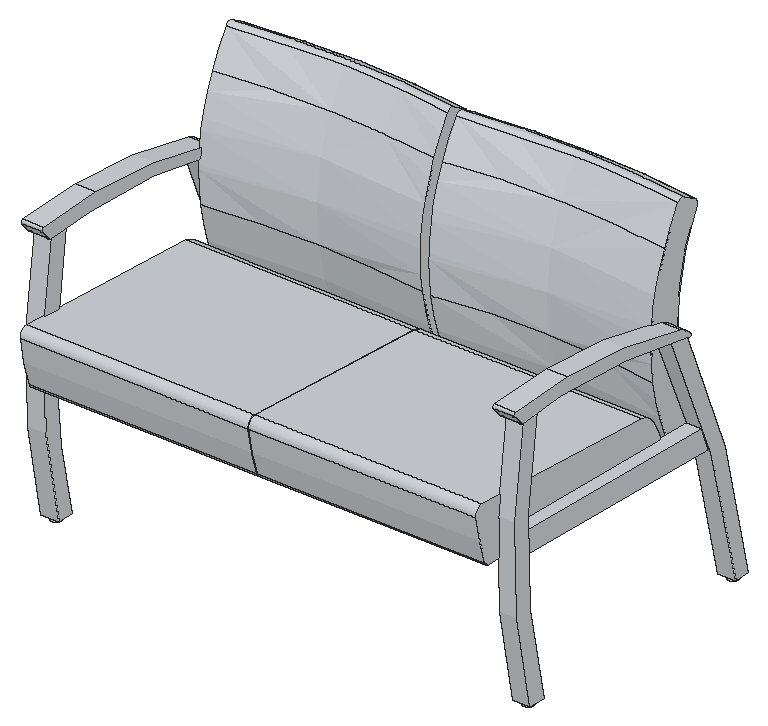
Revit family "Seat-LaZBoy-Koncert_Wood_Visitor-KOW20", category Furniture, Revit 2017
Family settings
  OmniClass Number = 23.40.20.00
  Work Plane-Based = No
  Always vertical = Yes
  Cut with Voids When Loaded = No
  Shared = No
  Room Calculation Point = No
Parameters (values of type "Urethane Arm Caps")
  Width = 45.50"  # constant formula
  URL = "https://www.la-z-boy.com/"
  Seat Material [instance] = none
  Product Documentation Link = "URL"
  Model = "KOW20U"
  Manufacturer = "LaZBoy"
  Height = 33.25"  # constant formula
  Description = "2 Seat Guest Chair with Urethane Arm Caps"
  Depth = 29.50"  # constant formula
  Copyright © = "Inc"
  Back Material [instance] = none
  Assembly Code = "E2020200"
  Armcap Material [instance] = none
  Arm Material [instance] = none
Types (2): name | Model | Description
  Wood Arm Caps | "KOW20" | "2 Seat Guest Chair with Wood Arm Caps"
  Urethane Arm Caps | "KOW20U" | "2 Seat Guest Chair with Urethane Arm Caps"
Reference planes (in)
  plane 1 "Center (Front/Back)": y = 0
  plane 2: z = 0
  plane 3 "Center (Left/Right)": x = 0
  plane 4: y = -14.75
  plane 5: x = 22.75
  plane 6: x = -22.75
  plane 7: z = 33.25
  plane 8: y = 14.75
  plane 9 "Backrest": y = 11.65
  plane 10: x = -21.04687
  plane 11: x = 21.04687
Forms (in)
  Extrusion 1, solid, material <- "Seat Material"
    sketch origin (0, 0, 0) x (0, 1, 0) y (0, 0, 1)
      loop
        line (-11.58915, 13.13496) -> (5.41112, 13.15365)
        arc (5.41112, 13.15365) -> (6.11752, 13.44693) -> (6.41002, 14.15365) r 1
        line (6.41002, 14.15365) -> (6.41002, 14.73145)
        arc (6.41002, 14.73145) -> (6.39539, 14.89442) -> (6.33835, 15.04779) r 0.61599
        line (6.33835, 15.04779) -> (5.75093, 16.15116)
        arc (5.75093, 16.15116) -> (5.17297, 16.80408) -> (4.36175, 17.12388) r 1.86969
        arc (4.36175, 17.12388) -> (-4.82518, 18.03461) -> (-14.05595, 18.18337) r 111.66931
        arc (-14.05595, 18.18337) -> (-14.60321, 17.92548) -> (-14.78207, 17.34754) r 0.75
        arc (-14.78207, 17.34754) -> (-14.39179, 15.18523) -> (-13.73053, 13.08985) r 17.29656
        arc (-13.73053, 13.08985) -> (-13.58361, 12.90425) -> (-13.35749, 12.83421) r 0.4
        line (-13.35749, 12.83421) -> (-11.58915, 12.83421) -> (-11.58915, 13.13496)
    from -21.04687 to 0
  Extrusion 2, solid, material <- "Seat Material"
    sketch origin (0, 0, 0) x (0, 1, 0) y (0, 0, -1)
      loop
        line (-11.58915, -13.13496) -> (-11.58915, -12.83421) -> (-13.35749, -12.83421)
        arc (-13.35749, -12.83421) -> (-13.58361, -12.90425) -> (-13.73053, -13.08985) r 0.4
        arc (-13.73053, -13.08985) -> (-14.39179, -15.18523) -> (-14.78207, -17.34754) r 17.29656
        arc (-14.78207, -17.34754) -> (-14.60321, -17.92548) -> (-14.05595, -18.18337) r 0.75
        arc (-14.05595, -18.18337) -> (-4.82518, -18.03461) -> (4.36175, -17.12388) r 111.66931
        arc (4.36175, -17.12388) -> (5.17297, -16.80408) -> (5.75093, -16.15116) r 1.86969
        line (5.75093, -16.15116) -> (6.33835, -15.04779)
        arc (6.33835, -15.04779) -> (6.39539, -14.89442) -> (6.41002, -14.73145) r 0.61599
        line (6.41002, -14.73145) -> (6.41002, -14.15365)
        arc (6.41002, -14.15365) -> (6.11752, -13.44693) -> (5.41112, -13.15365) r 1
        line (5.41112, -13.15365) -> (-11.58915, -13.13496)
    from -21.04687 to 0
  Extrusion 3, void
    sketch origin (46.13421, -0.5, 0) x (-1, 0, 0) y (0, -1, 0)
      loop
        line (25.25921, -15.25291) -> (45.74079, -15.25291) -> (45.74079, -3.75291) -> (25.25921, -3.75291) -> (25.25921, -15.25291)
      loop
        line (21.61809, -16.74229) -> (49.41576, -16.74229) -> (49.41576, 0.35146) -> (21.61809, 0.35146) -> (21.61809, -16.74229)
    from 0 to 45.27313
  Sweep 4, solid, material <- "Back Material"
    path origin (10.63421, 0.94444, 0) x (1, 0, 0) y (0, 1, 0)
      loop
        arc (-10.54687, 5.25183) -> (0, 6.05038) -> (10.54687, 5.25183) r 70.04776
    profile origin (10.63421, 6.99482, 0) x (0, 1, 0) y (0, 0, 1)
      loop
        line (4.39262, 32.50746) -> (3.1931, 33.17236)
        arc (3.1931, 33.17236) -> (2.82429, 33.21881) -> (2.52535, 32.99787) r 0.5
        arc (2.52535, 32.99787) -> (1.67215, 31.49244) -> (0.93529, 29.92678) r 22.85496
        arc (0.93529, 29.92678) -> (-0.45331, 24.76011) -> (-0.36579, 19.41081) r 19.24373
        arc (-0.36579, 19.41081) -> (0.39457, 16.17163) -> (1.62887, 13.08181) r 22.27795
        arc (1.62887, 13.08181) -> (1.8133, 12.87729) -> (2.07805, 12.80145) r 0.5
        line (2.07805, 12.80145) -> (3.18197, 12.80145)
        arc (3.18197, 12.80145) -> (4.0158, 13.24942) -> (4.10256, 14.19198) r 1
        arc (4.10256, 14.19198) -> (2.60159, 19.63642) -> (2.57557, 25.28392) r 21.42227
        arc (2.57557, 25.28392) -> (3.30436, 28.6505) -> (4.59601, 31.84372) r 20.14581
        arc (4.59601, 31.84372) -> (4.62828, 32.21663) -> (4.39262, 32.50746) r 0.5
  Sweep 5, solid, material <- "Back Material"
    path origin (-10.63421, 0.94444, 0) x (-1, 0, 0) y (0, -1, 0)
      loop
        arc (-10.54687, -5.25183) -> (0, -6.05038) -> (10.54687, -5.25183) r 70.04776
    profile origin (-10.63421, 6.99482, 0) x (0, -1, 0) y (0, 0, 1)
      loop
        arc (-4.39262, 32.50746) -> (-4.62828, 32.21663) -> (-4.59601, 31.84372) r 0.5
        arc (-4.59601, 31.84372) -> (-3.30436, 28.6505) -> (-2.57557, 25.28392) r 20.14581
        arc (-2.57557, 25.28392) -> (-2.60159, 19.63642) -> (-4.10256, 14.19198) r 21.42227
        arc (-4.10256, 14.19198) -> (-4.0158, 13.24942) -> (-3.18197, 12.80145) r 1
        line (-3.18197, 12.80145) -> (-2.07805, 12.80145)
        arc (-2.07805, 12.80145) -> (-1.8133, 12.87729) -> (-1.62887, 13.08181) r 0.5
        arc (-1.62887, 13.08181) -> (-0.39457, 16.17163) -> (0.36579, 19.41081) r 22.27795
        arc (0.36579, 19.41081) -> (0.45331, 24.76011) -> (-0.93529, 29.92678) r 19.24373
        arc (-0.93529, 29.92678) -> (-1.67215, 31.49244) -> (-2.52535, 32.99787) r 22.85496
        arc (-2.52535, 32.99787) -> (-2.82429, 33.21881) -> (-3.1931, 33.17236) r 0.5
        line (-3.1931, 33.17236) -> (-4.39262, 32.50746)
  Extrusion 6, void
    sketch origin (-46.13421, -0.5, 0) x (1, 0, 0) y (0, 1, 0)
      loop
        line (25.25921, 15.25291) -> (25.25921, 3.75291) -> (45.74079, 3.75291) -> (45.74079, 15.25291) -> (25.25921, 15.25291)
      loop
        line (21.61809, 16.74229) -> (21.61809, -0.35146) -> (49.41576, -0.35146) -> (49.41576, 16.74229) -> (21.61809, 16.74229)
    from 0 to 45.27313
Cuts and joins
  Extrusion 3 cuts Sweep 4
  Extrusion 6 cuts Sweep 5
Lines and regions (in)
  Masking region 1
    outline origin (-10.5, 0, 0) x (1, 0, 0) y (0, 1, 0)
      loop
        arc (-10.375, -12.38861) -> (-10.40429, -12.45932) -> (-10.475, -12.48861) r 0.1
        line (-10.475, -12.48861) -> (-10.54687, -12.48861) -> (-10.54687, -14.25)
        arc (-10.54687, -14.25) -> (-10.40043, -14.60355) -> (-10.04687, -14.75) r 0.5
        line (-10.04687, -14.75) -> (31.04687, -14.75)
        arc (31.04687, -14.75) -> (31.40043, -14.60355) -> (31.54687, -14.25) r 0.5
        line (31.54687, -14.25) -> (31.54687, -12.48861) -> (31.475, -12.48861)
        arc (31.475, -12.48861) -> (31.40429, -12.45932) -> (31.375, -12.38861) r 0.1
        line (31.375, -12.38861) -> (31.375, 10.65944)
        arc (31.375, 10.65944) -> (31.31414, 10.82292) -> (31.1612, 10.90681) r 0.25
        arc (31.1612, 10.90681) -> (21.13608, 11.64616) -> (11.10818, 10.94569) r 70.18213
        arc (11.10818, 10.94569) -> (10.95459, 10.86203) -> (10.89341, 10.69819) r 0.25
        line (10.89341, 10.69819) -> (10.89341, 6.41002) -> (10.10659, 6.41002) -> (10.10659, 10.69819)
        arc (10.10659, 10.69819) -> (10.04541, 10.86203) -> (9.89182, 10.94569) r 0.25
        arc (9.89182, 10.94569) -> (-0.13608, 11.64616) -> (-10.1612, 10.90681) r 70.18213
        arc (-10.1612, 10.90681) -> (-10.31414, 10.82292) -> (-10.375, 10.65944) r 0.25
        line (-10.375, 10.65944) -> (-10.375, -12.38861)
  symbolic lines, detail levels fine
    curve 1: arc (-0.39076, 8.86334, 0) -> (-10.63422, 9.57027, 0) -> (-20.875, 8.82548, 0) r 72.62333
    curve 6: arc (0.39076, 8.86334, 0) -> (10.63422, 9.57027, 0) -> (20.875, 8.82548, 0) r 72.62333
  symbolic lines, detail levels medium+fine
    curve 2: arc (-0.39341, 5.70335, 0) -> (-10.63556, 6.4099, 0) -> (-20.875, 5.66512, 0) r 72.62333
    curve 3: line (-0.39341, 6.41002, 0) -> (-0.39341, 5.70335, 0)
    curve 4: line (0.39341, 6.41002, 0) -> (0.39341, 5.70335, 0)
    curve 5: arc (0.39341, 5.70335, 0) -> (10.63556, 6.4099, 0) -> (20.875, 5.66512, 0) r 72.62333
    curve 7: line (0, -14.78702, 0) -> (0, 6.41061, 0)
Dimensions and locks (in)
  equal spacing: plane 6, plane 3 "Center (Left/Right)", plane 5
  "Width": plane 6 to plane 5
  "Height": plane 7 to plane 2
  equal spacing: plane 8, plane 1 "Center (Front/Back)", plane 4
  "Depth": plane 4 to plane 8
  plane 6 to plane 10 = 1.70313"
  locked: plane 11 to plane 5 at 1.70313
  locked: plane 9 "Backrest" to plane 8 at 3.1
  aligned and locked: level to plane 2
  aligned and locked: plane 3 "Center (Left/Right)" to nested 1
  aligned and locked: plane 1 "Center (Front/Back)" to nested 1
  aligned and locked: plane 8 to nested 2
  aligned and locked: nested 2 to plane 6
  aligned and locked: plane 5 to nested 3
  aligned and locked: plane 8 to nested 3
  aligned and locked: plane 10 to Extrusion 1
  aligned and locked: plane 3 "Center (Left/Right)" to Extrusion 1
  aligned and locked: Masking region 1 sketch curve to plane 4
  aligned and locked: Masking region 1 sketch curve to plane 11
  aligned and locked: Extrusion 2 to plane 3 "Center (Left/Right)"
Automatic sketch dimensions
  Extrusion 1 sketch curve to plane 4 = 0.71298"
  Extrusion 1 sketch curve to plane 4 = 1.39251"
  Extrusion 1 sketch curve to Extrusion 1 sketch curve = 1.76835"
  Extrusion 1 sketch curve to plane 4 = 3.51155"
  Extrusion 1 sketch curve to plane 1 "Center (Front/Back)" = 2.40023"
  Extrusion 1 sketch curve to plane 1 "Center (Front/Back)" = 4.10055"
  Extrusion 1 sketch curve to Extrusion 1 sketch curve = 1.30947"
  Extrusion 1 sketch curve to Extrusion 1 sketch curve = 0.0011"
  Extrusion 1 sketch curve to Extrusion 1 sketch curve = 1.65037"
  Extrusion 1 sketch curve to Extrusion 1 sketch curve = 0.3846"
  Extrusion 1 sketch curve to Extrusion 1 sketch curve = 0.54373"
  Extrusion 1 sketch curve to Extrusion 1 sketch curve = 0.07167"
  Extrusion 1 sketch curve to level = 93.45039"
  level to Extrusion 1 sketch curve = 12.83421"
  Extrusion 1 sketch curve to Extrusion 1 sketch curve = 0.30074"
  level to Extrusion 1 sketch curve = 13.15365"
  Extrusion 1 sketch curve to Extrusion 1 sketch curve = 0.40"
  Extrusion 1 sketch curve to Extrusion 1 sketch curve = 0.5778"
  Extrusion 1 sketch curve to Extrusion 1 sketch curve = 0.02687"
  Extrusion 1 sketch curve to Extrusion 1 sketch curve = 1.11887"
  Extrusion 1 sketch curve to Extrusion 1 sketch curve = 1.10337"
  Extrusion 1 sketch curve to Extrusion 1 sketch curve = 4.1994"
  Extrusion 1 sketch curve to Extrusion 1 sketch curve = 2.20853"
  Extrusion 1 sketch curve to plane 4 = 0.69405"
  Extrusion 1 sketch curve to Extrusion 1 sketch curve = 0.00"  (x2)
  Extrusion 2 sketch curve to plane 4 = 0.71298"
  Extrusion 2 sketch curve to plane 4 = 1.39251"
  Extrusion 2 sketch curve to Extrusion 2 sketch curve = 1.76835"
  Extrusion 2 sketch curve to plane 4 = 3.51155"
  Extrusion 2 sketch curve to plane 1 "Center (Front/Back)" = 2.40023"
  Extrusion 2 sketch curve to plane 1 "Center (Front/Back)" = 4.10055"
  Extrusion 2 sketch curve to Extrusion 2 sketch curve = 1.30947"
  Extrusion 2 sketch curve to Extrusion 2 sketch curve = 0.0011"
  Extrusion 2 sketch curve to Extrusion 2 sketch curve = 1.65037"
  Extrusion 2 sketch curve to Extrusion 2 sketch curve = 0.3846"
  Extrusion 2 sketch curve to Extrusion 2 sketch curve = 0.54373"
  Extrusion 2 sketch curve to Extrusion 2 sketch curve = 0.07167"
  Extrusion 2 sketch curve to plane 7 = 13.91759"
  Extrusion 2 sketch curve to plane 7 = 15.81639"
  Extrusion 2 sketch curve to Extrusion 2 sketch curve = 3.18125"
  Extrusion 2 sketch curve to Extrusion 2 sketch curve = 0.87865"
  Extrusion 2 sketch curve to Extrusion 2 sketch curve = 1.10337"
  Extrusion 2 sketch curve to Extrusion 2 sketch curve = 0.28948"
  Extrusion 2 sketch curve to Extrusion 2 sketch curve = 0.60466"
  Extrusion 2 sketch curve to Extrusion 2 sketch curve = 4.1994"
  Extrusion 2 sketch curve to Extrusion 2 sketch curve = 0.09926"
  Extrusion 2 sketch curve to Extrusion 2 sketch curve = 0.40"
  Extrusion 2 sketch curve to level = 93.45039"
  Extrusion 2 sketch curve to plane 4 = 0.69405"
  Extrusion 2 sketch curve to Extrusion 2 sketch curve = 0.00"  (x2)
  Extrusion 3 sketch curve to plane 5 = 1.76612"
  Extrusion 3 sketch curve to plane 11 = 0.17187"
  plane 3 "Center (Left/Right)" to Extrusion 3 sketch curve = 0.39341"
  plane 1 "Center (Front/Back)" to Extrusion 3 sketch curve = 0.85146"
  Extrusion 3 sketch curve to plane 3 "Center (Left/Right)" = 3.28156"
  Extrusion 3 sketch curve to plane 1 "Center (Front/Back)" = 3.25291"
  plane 8 to Extrusion 3 sketch curve = 0.00291"
  plane 8 to Extrusion 3 sketch curve = 1.49229"
  Sweep 4 sketch curve to plane 11 = 10.41267"
  plane 4 to Sweep 4 sketch curve = 48.30294"
  plane 3 "Center (Left/Right)" to Sweep 4 sketch curve = 0.08733"
  plane 11 to Sweep 4 sketch curve = 0.13421"
  plane 9 "Backrest" to Sweep 4 sketch curve = 5.45374"
  Sweep 5 sketch curve to plane 10 = 10.41267"
  plane 4 to Sweep 5 sketch curve = 48.30294"
  Sweep 5 sketch curve to plane 3 "Center (Left/Right)" = 0.08733"
  plane 10 to Sweep 5 sketch curve = 0.13421"
  plane 9 "Backrest" to Sweep 5 sketch curve = 5.45374"
  Extrusion 6 sketch curve to plane 6 = 1.76612"
  Extrusion 6 sketch curve to plane 10 = 0.17187"
  Extrusion 6 sketch curve to plane 3 "Center (Left/Right)" = 0.39341"
  plane 1 "Center (Front/Back)" to Extrusion 6 sketch curve = 0.85146"
  plane 3 "Center (Left/Right)" to Extrusion 6 sketch curve = 3.28156"
  Extrusion 6 sketch curve to plane 1 "Center (Front/Back)" = 3.25291"
  plane 8 to Extrusion 6 sketch curve = 0.00291"
  plane 8 to Extrusion 6 sketch curve = 1.49229"
  Masking region 1 sketch curve to plane 10 = 0.00"
  Masking region 1 sketch curve to plane 10 = 0.07187"
  Masking region 1 sketch curve to plane 10 = 0.17187"
  Masking region 1 sketch curve to Masking region 1 sketch curve = 0.25"  (x2)
  Masking region 1 sketch curve to plane 10 = 0.50"
  Masking region 1 sketch curve to plane 3 "Center (Left/Right)" = 10.50"
  Masking region 1 sketch curve to plane 3 "Center (Left/Right)" = 0.64341"
  Masking region 1 sketch curve to plane 3 "Center (Left/Right)" = 0.39341"
  plane 3 "Center (Left/Right)" to Masking region 1 sketch curve = 0.39341"
  plane 3 "Center (Left/Right)" to Masking region 1 sketch curve = 10.50"
  Masking region 1 sketch curve to Masking region 1 sketch curve = 0.50"
  Masking region 1 sketch curve to plane 11 = 0.42187"
  Masking region 1 sketch curve to plane 11 = 0.17187"
  Masking region 1 sketch curve to plane 11 = 0.07187"
  plane 4 to Masking region 1 sketch curve = 43.78584"
  Masking region 1 sketch curve to Masking region 1 sketch curve = 0.00"  (x4)
  Masking region 1 sketch curve to Masking region 1 sketch curve = 1.76139"  (x2)
  plane 9 "Backrest" to Masking region 1 sketch curve = 5.23998"
  plane 9 "Backrest" to Masking region 1 sketch curve = 0.99056"  (x2)
  plane 9 "Backrest" to Masking region 1 sketch curve = 0.95181"
  curve 7 to plane 3 "Center (Left/Right)" = 0.00"
  curve 3 to plane 3 "Center (Left/Right)" = 0.39341"
  curve 1 to plane 3 "Center (Left/Right)" = 10.50"
  curve 2 to curve 1 = 0.00"
  plane 3 "Center (Left/Right)" to curve 4 = 0.39341"
  plane 3 "Center (Left/Right)" to curve 6 = 10.50"
  curve 5 to curve 6 = 0.00"
  plane 4 to curve 2 = 51.46331"
  curve 2 to curve 5 = 0.00"
  curve 5 to curve 6 = 3.16037"
  curve 2 to curve 1 = 3.16037"
  curve 4 to plane 1 "Center (Front/Back)" = 5.70335"
  curve 3 to curve 4 = 0.00"
  curve 1 to plane 3 "Center (Left/Right)" = 0.39076"
  curve 1 to plane 10 = 0.17187"
  curve 2 to plane 10 = 0.17187"
  plane 3 "Center (Left/Right)" to curve 6 = 0.39076"
  curve 6 to plane 11 = 0.17187"
  curve 5 to plane 11 = 0.17187"
  plane 4 to curve 7 = 0.03702"
  curve 3 to curve 3 = 0.70668"
  curve 4 to curve 4 = 0.70668"
  curve 3 to curve 7 = 0.00059"
  plane 9 "Backrest" to curve 6 = 2.82452"
  plane 9 "Backrest" to curve 1 = 2.82452"
  profile plane to Sweep 5 sketch curve = 23.8237"
  Sweep 5 sketch curve to Sweep 5 sketch curve = 1.26609"
  Sweep 5 sketch curve to Sweep 5 sketch curve = 0.58949"
  Sweep 5 sketch curve to Sweep 5 sketch curve = 0.91535"
  Sweep 5 sketch curve to Sweep 5 sketch curve = 2.99746"
  profile plane to Sweep 5 sketch curve = 4.39262"
  Sweep 5 sketch curve to Sweep 5 sketch curve = 0.2424"  (x2)
  Sweep 5 sketch curve to Sweep 5 sketch curve = 1.19952"
  profile plane to Sweep 5 sketch curve = 3.18197"
  Sweep 5 sketch curve to Sweep 5 sketch curve = 1.10392"
  profile plane to Sweep 5 sketch curve = 12.80145"
  Sweep 5 sketch curve to Sweep 5 sketch curve = 0.50"
  Sweep 5 sketch curve to Sweep 5 sketch curve = 1.00"
  Sweep 5 sketch curve to Sweep 5 sketch curve = 7.18279"
  Sweep 5 sketch curve to Sweep 5 sketch curve = 1.41298"
  Sweep 5 sketch curve to Sweep 5 sketch curve = 1.57377"
  Sweep 5 sketch curve to Sweep 5 sketch curve = 0.16243"
  Sweep 5 sketch curve to Sweep 5 sketch curve = 0.14766"
  Sweep 5 sketch curve to Sweep 5 sketch curve = 9.67293"
  Sweep 5 sketch curve to Sweep 5 sketch curve = 0.43731"  (x2)
  Sweep 5 sketch curve to Sweep 5 sketch curve = 0.6649"
  Sweep 5 sketch curve to Sweep 5 sketch curve = 0.00"  (x5)
  Sweep 4 sketch curve to profile plane = 2.07805"
  Sweep 4 sketch curve to profile plane = 2.9507"
  Sweep 4 sketch curve to Sweep 4 sketch curve = 1.10392"
  Sweep 4 sketch curve to Sweep 4 sketch curve = 0.2424"  (x2)
  Sweep 4 sketch curve to Sweep 4 sketch curve = 1.19952"
  Sweep 4 sketch curve to Sweep 4 sketch curve = 14.49459"
  Sweep 4 sketch curve to Sweep 4 sketch curve = 2.99746"
  Sweep 4 sketch curve to Sweep 4 sketch curve = 0.32586"
  Sweep 4 sketch curve to Sweep 4 sketch curve = 0.91535"
  Sweep 4 sketch curve to Sweep 4 sketch curve = 1.26609"
  profile plane to Sweep 4 sketch curve = 12.80145"
  Sweep 4 sketch curve to Sweep 4 sketch curve = 0.50"
  Sweep 4 sketch curve to Sweep 4 sketch curve = 1.00"
  Sweep 4 sketch curve to Sweep 4 sketch curve = 7.18279"
  Sweep 4 sketch curve to Sweep 4 sketch curve = 1.41298"
  Sweep 4 sketch curve to Sweep 4 sketch curve = 1.57377"
  Sweep 4 sketch curve to Sweep 4 sketch curve = 0.16243"
  Sweep 4 sketch curve to Sweep 4 sketch curve = 0.14766"
  Sweep 4 sketch curve to Sweep 4 sketch curve = 9.67293"
  Sweep 4 sketch curve to Sweep 4 sketch curve = 0.43731"  (x2)
  Sweep 4 sketch curve to Sweep 4 sketch curve = 0.6649"
  Sweep 4 sketch curve to Sweep 4 sketch curve = 0.00"  (x3)
  Sweep 4 sketch curve to profile plane = 0.93529"
  Sweep 4 sketch curve to profile plane = 2.57557"
Nested families (in)
  nested 1: "Label 1-16" at (0, 0, 0), type "Center", detail levels fine
    with Offset (LR) 0.00"
  nested 2: "KOW-Leg" at (-21.78125, 0.05146, 0), type "Standard"
  nested 3: "KOW-Leg" at (21.78125, 0.05146, 0) x (-1, 0, 0) z (0, 0, 1), type "Standard"
Definition of nested family "KOW-Leg"
  Parameters (values of type "Standard")
    URL = ""
    Model = ""
    Manufacturer = ""
    Description = ""
    Assembly Code = "E2020200"
    Armcap Material = none
    Arm Material = none
  Reference planes (in)
    plane 1 "Center (Front/Back)": y = 1.07924
    plane 2: z = 0
    plane 3 "Center (Left/Right)": x = 0
    plane 4: y = 14.69854
    plane 5: y = -12.54007
    plane 6: z = 25.86049
    plane 7: x = -0.96875
    plane 8: x = 0.96875
    plane 9: x = 0.79688
    plane 10: x = -0.79688
  Forms (in)
    Extrusion 1, solid, material <- "Arm Material"
      sketch origin (0, -0.01712, 0) x (0, 1, 0) y (0, 0, 1)
        loop
          line (-10.50535, 0.35749) -> (-8.94909, 0.35749)
          arc (-8.94909, 0.35749) -> (-10.78454, 12.3854) -> (-9.65018, 24.49955) r 49.82702
          arc (-9.65018, 24.49955) -> (-10.43254, 24.43703) -> (-11.21378, 24.36181) r 48.33365
          arc (-11.21378, 24.36181) -> (-12.2832, 12.31763) -> (-10.50535, 0.35749) r 51.32702
        loop
          arc (14.71566, 0.35749) -> (12.00755, 11.95163) -> (7.61982, 23.01987) r 80.54342
          arc (7.61982, 23.01987) -> (6.71703, 23.22827) -> (5.81104, 23.42236) r 58.51808
          arc (5.81104, 23.42236) -> (10.40284, 12.17533) -> (13.21695, 0.35749) r 79.04342
          line (13.21695, 0.35749) -> (14.71566, 0.35749)
      from -0.79688 to 0.79687
    Extrusion 2, solid, material <- "Armcap Material"
      sketch origin (0, 0, 0.375) x (0, 1, 0) y (0, 0, 1)
        loop
          arc (7.66409, 22.63051) -> (7.80964, 22.6856) -> (7.81175, 22.84122) r 0.13828
          arc (7.81175, 22.84122) -> (7.34036, 23.33471) -> (6.72628, 23.63245) r 1.9228
          arc (6.72628, 23.63245) -> (0.24776, 24.9923) -> (-6.35354, 25.48549) r 50.06316
          arc (-6.35354, 25.48549) -> (-9.36566, 25.42828) -> (-12.37013, 25.20617) r 54.97787
          arc (-12.37013, 25.20617) -> (-12.528, 25.08725) -> (-12.49582, 24.89224) r 0.19082
          line (-12.49582, 24.89224) -> (-11.72516, 23.99178)
          arc (-11.72516, 23.99178) -> (-11.67245, 23.95421) -> (-11.60829, 23.94571) r 0.13411
          arc (-11.60829, 23.94571) -> (-9.37896, 24.14428) -> (-7.14283, 24.23943) r 48.33365
          arc (-7.14283, 24.23943) -> (0.31203, 23.90797) -> (7.66409, 22.63051) r 58.51808
      from -0.96875 to 0.96875
    Extrusion 3, solid
      sketch origin (0, 0, 0) x (1, 0, 0) y (0, 1, 0)
        loop
          circle (0, 13.96631) r 0.5
        loop
          circle (0, -9.72722) r 0.5
      from 0 to 0.35749
    Extrusion 4, solid, material <- "Arm Material"
      sketch origin (0, 0, 0) x (0, 1, 0) y (0, 0, 1)
        loop
          arc (-10.81215, 14.85479) -> (-10.82265, 13.85461) -> (-10.81307, 12.85441) r 49.82702
          line (-10.81307, 12.85441) -> (10.30377, 12.42911)
          arc (10.30377, 12.42911) -> (9.96838, 13.4385) -> (9.61943, 14.44329) r 79.04342
          line (9.61943, 14.44329) -> (-10.81215, 14.85479)
      from -0.57813 to 0.79687
  Cuts and joins
    joined: Extrusion 1, Extrusion 4
  Lines and regions (in)
    Masking region 1
      outline origin (0, 0, 0) x (1, 0, 0) y (0, 1, 0)
        loop
          arc (-0.96875, -12.44007) -> (-0.93946, -12.51078) -> (-0.86875, -12.54007) r 0.1
          line (-0.86875, -12.54007) -> (0.86875, -12.54007)
          arc (0.86875, -12.54007) -> (0.93946, -12.51078) -> (0.96875, -12.44007) r 0.1
          line (0.96875, -12.44007) -> (0.96875, 7.75071)
          arc (0.96875, 7.75071) -> (0.93946, 7.82142) -> (0.86875, 7.85071) r 0.1
          line (0.86875, 7.85071) -> (0.79688, 7.85071) -> (0.79688, 14.69854) -> (-0.79688, 14.69854) -> (-0.79688, 7.85071) -> (-0.86875, 7.85071)
          arc (-0.86875, 7.85071) -> (-0.93946, 7.82142) -> (-0.96875, 7.75071) r 0.1
          line (-0.96875, 7.75071) -> (-0.96875, -12.44007)
    symbolic lines
      curve 1: line (-0.79688, 7.85071, 0) -> (0.79688, 7.85071, 0)
  Dimensions and locks (in)
    equal spacing: plane 5, plane 1 "Center (Front/Back)", plane 4
    locked: plane 6 to plane 2 at 25.86049
    equal spacing: plane 7, plane 3 "Center (Left/Right)", plane 8
    locked: plane 9 to plane 8 at 0.17188
    locked: plane 5 to plane 4 at 27.23861
    aligned and locked: level to plane 2
    aligned and locked: plane 3 "Center (Left/Right)" to Extrusion 3 sketch curve
    aligned and locked: Masking region 1 sketch curve to plane 7
    aligned and locked: Masking region 1 sketch curve to plane 8
    aligned and locked: Masking region 1 sketch curve to plane 5
    aligned and locked: Masking region 1 sketch curve to plane 4
    aligned and locked: plane 7 to Extrusion 2
  Automatic sketch dimensions
    Extrusion 1 sketch curve to Extrusion 1 sketch curve = 0.00"  (x3)
    Extrusion 1 sketch curve to level = 11.98962"
    level to Extrusion 1 sketch curve = 0.35749"  (x2)
    Extrusion 1 sketch curve to plane 5 = 2.0176"
    Extrusion 1 sketch curve to Extrusion 1 sketch curve = 1.55626"
    Extrusion 1 sketch curve to plane 5 = 6.33196"
    Extrusion 1 sketch curve to plane 5 = 6.52923"
    Extrusion 1 sketch curve to plane 4 = 1.4987"
    Extrusion 1 sketch curve to plane 4 = 0.00"
    Extrusion 1 sketch curve to plane 6 = 12.02872"
    Extrusion 1 sketch curve to Extrusion 1 sketch curve = 0.1256"
    Extrusion 1 sketch curve to Extrusion 1 sketch curve = 10.18252"
    Extrusion 1 sketch curve to plane 5 = 1.30917"
    Extrusion 1 sketch curve to Extrusion 1 sketch curve = 15.46123"
    Extrusion 1 sketch curve to plane 6 = 2.43813"
    Extrusion 1 sketch curve to plane 6 = 1.36094"
    Extrusion 1 sketch curve to Extrusion 1 sketch curve = 1.80878"
    Extrusion 2 sketch curve to plane 6 = 0.00"  (x2)
    Extrusion 2 sketch curve to plane 5 = 0.04424"
    Extrusion 2 sketch curve to Extrusion 2 sketch curve = 0.14498"
    Extrusion 2 sketch curve to plane 5 = 0.8149"
    Extrusion 2 sketch curve to Extrusion 2 sketch curve = 0.10189"
    Extrusion 2 sketch curve to plane 5 = 5.72407"
    Extrusion 2 sketch curve to Extrusion 2 sketch curve = 0.04134"
    Extrusion 2 sketch curve to Extrusion 2 sketch curve = 0.56804"
    Extrusion 2 sketch curve to Extrusion 2 sketch curve = 0.80665"
    Extrusion 2 sketch curve to plane 1 "Center (Front/Back)" = 5.1285"
    Extrusion 2 sketch curve to Extrusion 2 sketch curve = 1.48866"
    Extrusion 2 sketch curve to plane 6 = 0.46917"
    Extrusion 2 sketch curve to Extrusion 2 sketch curve = 0.12408"
    Extrusion 2 sketch curve to Extrusion 2 sketch curve = 0.93734"
    Extrusion 2 sketch curve to Extrusion 2 sketch curve = 0.0872"
    Extrusion 2 sketch curve to plane 6 = 2.72053"
    Extrusion 2 sketch curve to Extrusion 2 sketch curve = 0.98407"
    Extrusion 2 sketch curve to level = 23.71015"
    Extrusion 2 sketch curve to Extrusion 2 sketch curve = 0.49075"
    Extrusion 2 sketch curve to Extrusion 2 sketch curve = 4.91454"
    Extrusion 2 sketch curve to Extrusion 2 sketch curve = 4.77724"
    Extrusion 2 sketch curve to Extrusion 2 sketch curve = 0.00"  (x4)
    Extrusion 3 sketch curve to plane 3 "Center (Left/Right)" = 0.00"
    Extrusion 3 sketch curve to plane 5 = 2.81284"
    Extrusion 3 sketch curve to plane 4 = 0.73224"
    Extrusion 4 sketch curve to plane 4 = 4.39477"
    Extrusion 4 sketch curve to Extrusion 4 sketch curve = 0.68434"
    Extrusion 4 sketch curve to Extrusion 4 sketch curve = 2.01419"
    Extrusion 4 sketch curve to plane 5 = 1.72791"
    curve 1 to plane 9 = 0.00"
    curve 1 to plane 1 "Center (Front/Back)" = 6.77147"
    curve 1 to plane 7 = 0.17187"
    Masking region 1 sketch curve to plane 9 = 0.00"
    Masking region 1 sketch curve to plane 7 = 0.10"
    Masking region 1 sketch curve to Masking region 1 sketch curve = 0.10"  (x2)
    Masking region 1 sketch curve to plane 7 = 0.17187"
    Masking region 1 sketch curve to plane 9 = 0.07188"  (x2)
    Masking region 1 sketch curve to plane 1 "Center (Front/Back)" = 6.67147"
    level to Extrusion 4 sketch curve = 12.42911"
    Extrusion 4 sketch curve to plane 5 = 1.72699"
    Extrusion 4 sketch curve to Extrusion 4 sketch curve = 2.00039"
    Extrusion 4 sketch curve to plane 6 = 12.02872"
    Extrusion 4 sketch curve to plane 6 = 11.0057"
    Extrusion 4 sketch curve to level = 11.98962"
    radius of Extrusion 3 sketch curve = 0.50"  (x2)
Definition of nested family "Label 1-16"
  Parameters (values of type "Center")
    P_Width = 0.00"
    Text_Width = "Empty"
    Text_Height = "Empty"
    Text_Diameter = "Empty"
    Text_Depth = "Empty"
    Offset (LR) [instance] = 0.00"
    Model Name = "6961"
    P_Height = 0.00"
    Distance of Center (not Change) = 0.00"
    P_Diameter = 0.00"
    P_Depth = 0.00"
  Reference planes (in)
    plane 1: y = 0
    plane 2: x = 0
  Lines and regions (in)
    reference lines
      curve 1: line (-0.44359, 0, 0) -> (0.41085, 0, 0)
      curve 3: line (0, 0.32564, 0) -> (0, -0.40221, 0)
    reference lines, not visible
      curve 2: line (-0.44359, 0.09843, 0) -> (0.41085, 0.09843, 0)
      curve 4: line (0, 0.42407, 0) -> (0, -0.30379, 0)
  Text (in)
    label "Empty" at (0.00197, -0.0079, 0), shows "Model Name"
    label "Empty" at (0.00197, 0.09052, 0), shows "Model Name", not visible
  Dimensions and locks (in)
    "Distance of Center (not Change)": plane 1 to curve 1
    "Offset (LR)": curve 3 to plane 2
  Automatic sketch dimensions
    curve 1 to curve 3 = 0.44359"
    curve 3 to curve 1 = 0.41085"
    curve 3 to curve 1 = 0.40221"
    curve 1 to curve 3 = 0.32564"
    curve 2 to curve 4 = 0.44359"
    curve 4 to curve 2 = 0.41085"
    curve 4 to curve 2 = 0.40221"
    curve 2 to curve 4 = 0.32564"
